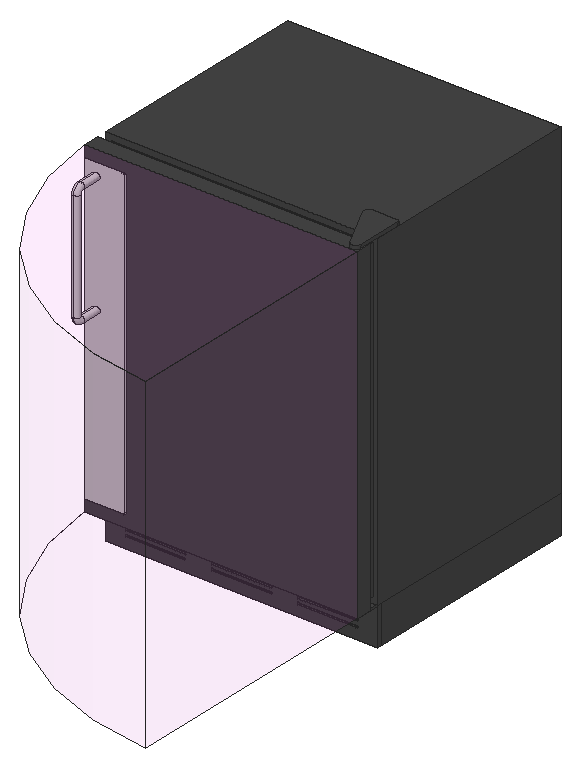
Revit family "QF_Summit_FF6BK7BZADA_Refrigerator", category Specialty Equipment, Revit 2020
Family settings
  Round Connector Dimension = Use Diameter
  Part Type = Normal
  Work Plane-Based = No
  Always vertical = Yes
  Cut with Voids When Loaded = No
  Shared = No
  Room Calculation Point = No
Parameters
  Weight in Pounds = 100
  Watts = Volts * FL Amps  # 161 W
  Volts = 115 V
  URL Cutsheet = ""
  Specification by User = ""
  Specification by Manufacturer = ""
  Show LHD [instance] = no
  Right Hinged Door [instance] = not(Show LHD)  # yes
  Serial Number = ""
  Seismic Rating = ""
  SMACNA No = ""
  Revision Code = ""
  Refrigerant Volume = 0.00 kip
  Refrigerant Type = "R600a"
  Phase = 1
  Number of Poles = 1
  NAFEM Spec ID Number = ""
  Model = "FF6BK7BZADA"
  Min Ckt Ampacity = 0 A
  Max Overcurrent Protection = 0 A
  Masterspec = ""
  Manufacturer = "Summit"
  Length = 23 5/8"
  Item Number = ""
  Installed By = ""
  Identify Quantity as Lot = yes
  Height = 32 1/8"
  HP = ""
  Furnished By = ""
  Foodservice Equipment Identifier = yes
  FL Amps = 1.4 A
  Electrical Remarks = ""
  Electric Connection Type = ""
  Elec Conn RI Height = 0"
  Elec Conn Connection Height = 0"
  Description = "Refrigerator"
  Depth = 22 3/4"
  Default Elevation = 0"
  Cycle = 60 Hz
  Conn Plug = ""
  Conn Conduit = yes
  CSI MasterFormat = ""
  BTUH = 0.0 Btu/h
  Apparent Power = if(Phase = 3, Volts * FL Amps * 1.73, Volts * FL Amps)  # 161 VA
Reference planes (in)
  plane 1 "BACK": y = 0
  plane 2: z = 0
  plane 3 "LEFT": x = 0
  plane 4 "RIGHT": x = 23.625
  plane 5 "FRONT": y = -22.75
  plane 6 "TOP": z = 32.125
  plane 7 "Center Y": x = 11.8125
  plane 8 "Center X": y = -11.375
  plane 9: z = 31.875
  plane 10: y = -25.25
  plane 11: y = -45.75
  plane 12: y = -0.75
  plane 13: y = -20.5
  plane 14: z = 0.125
  plane 15: z = 3.375
  plane 16: x = 17.46169
Forms (in)
  Extrusion 1, solid, material "QF_Clearances_Door_Drawer", visible <- "Right Hinged Door"
    sketch origin (-5.77638, -180, 3.375) x (0, -1, 0) y (-1, 0, 0)
      loop
        line (-157.25, -29.40138) -> (-134.25, -29.40138)
        arc (-134.25, -29.40138) -> (-141.23315, -13.19152) -> (-157.25, -5.77638) r 24.70896
        line (-157.25, -5.77638) -> (-157.25, -29.40138)
    from 0 to -28.5
  Extrusion 2, solid, material "QF_Metallic_Paint_Black_Smooth"
    sketch origin (-4.07558, -180, 0.25) x (-1, 0, 0) y (0, -1, 0)
      loop
        line (-4.07558, -179.25) -> (-4.07558, -159.5) -> (-27.70058, -159.5) -> (-27.70058, -179.25) -> (-4.07558, -179.25)
    from 3.125 to 31.625
  Extrusion 3, solid, material "QF_Metallic_Paint_Black_Smooth"
    sketch origin (-5.77638, -180, 3.5) x (-1, 0, 0) y (0, -1, 0)
      loop
        line (-5.77638, -157.25) -> (-29.40138, -157.25) -> (-29.40138, -158.625) -> (-5.77638, -158.625) -> (-5.77638, -157.25)
    from -0.125 to 28.375
  Extrusion 4, solid, material "QF_Metallic_Paint_Black_Smooth"
    sketch origin (23.5, -21.375, 3.5) x (-1, 0, 0) y (0, 0, 1)
      loop
        line (0.375, 0.375) -> (23, 0.375) -> (23, 27.875) -> (0.375, 27.875) -> (0.375, 0.375)
    from 0 to 0.875
  Extrusion 5, solid, material "QF_Metallic_Paint_Black_Smooth", visible <- "Right Hinged Door"
    sketch origin (-5.77638, -180, 31.875) x (-1, 0, 0) y (0, -1, 0)
      loop
        arc (-29.27619, -161.7403) -> (-29.20297, -161.91708) -> (-29.02619, -161.9903) r 0.25
        line (-29.02619, -161.9903) -> (-26.9149, -161.9903)
        arc (-26.9149, -161.9903) -> (-26.55876, -161.78675) -> (-26.55339, -161.37658) r 0.41333
        line (-26.55339, -161.37658) -> (-28.47012, -157.54371)
        arc (-28.47012, -157.54371) -> (-28.95386, -157.33588) -> (-29.27619, -157.75217) r 0.42999
        line (-29.27619, -157.75217) -> (-29.27619, -161.7403)
    from 0 to 0.25
  Extrusion 6, solid, material "QF_Metallic_Paint_Black_Smooth", visible <- "Right Hinged Door"
    sketch origin (-5.77638, -180, 3.375) x (0, 1, 0) y (1, 0, 0)
      loop
        line (159.5, 29.27619) -> (157.75217, 29.27619)
        arc (157.75217, 29.27619) -> (157.33588, 28.95386) -> (157.54371, 28.47012) r 0.42999
        line (157.54371, 28.47012) -> (159.5, 27.5936) -> (159.5, 29.27619)
    from 0 to 0.125
  Extrusion 7, solid, material "QF_Metallic_Paint_Black_Smooth"
    sketch origin (-12.48311, -20.5, 48) x (-1, 0, 0) y (0, 0, 1)
      loop
        line (-12.48311, -44.625) -> (-36.10811, -44.625) -> (-36.10811, -47.875) -> (-12.48311, -47.875) -> (-12.48311, -44.625)
      loop
        line (-14.18872, -45.26011) -> (-19.43872, -45.26011) -> (-19.43872, -45.51011) -> (-14.18872, -45.51011) -> (-14.18872, -45.26011)
      loop
        line (-14.18872, -45.76011) -> (-19.43872, -45.76011) -> (-19.43872, -46.01011) -> (-14.18872, -46.01011) -> (-14.18872, -45.76011)
      loop
        line (-14.18872, -46.26011) -> (-19.43872, -46.26011) -> (-19.43872, -46.51011) -> (-14.18872, -46.51011) -> (-14.18872, -46.26011)
      loop
        line (-14.18872, -46.76011) -> (-19.43872, -46.76011) -> (-19.43872, -47.01011) -> (-14.18872, -47.01011) -> (-14.18872, -46.76011)
      loop
        line (-21.67061, -45.26011) -> (-26.92061, -45.26011) -> (-26.92061, -45.51011) -> (-21.67061, -45.51011) -> (-21.67061, -45.26011)
      loop
        line (-21.67061, -45.76011) -> (-26.92061, -45.76011) -> (-26.92061, -46.01011) -> (-21.67061, -46.01011) -> (-21.67061, -45.76011)
      loop
        line (-21.67061, -46.26011) -> (-26.92061, -46.26011) -> (-26.92061, -46.51011) -> (-21.67061, -46.51011) -> (-21.67061, -46.26011)
      loop
        line (-21.67061, -46.76011) -> (-26.92061, -46.76011) -> (-26.92061, -47.01011) -> (-21.67061, -47.01011) -> (-21.67061, -46.76011)
      loop
        line (-34.40249, -45.26011) -> (-34.40249, -45.51011) -> (-29.15249, -45.51011) -> (-29.15249, -45.26011) -> (-34.40249, -45.26011)
      loop
        line (-34.40249, -45.76011) -> (-34.40249, -46.01011) -> (-29.15249, -46.01011) -> (-29.15249, -45.76011) -> (-34.40249, -45.76011)
      loop
        line (-34.40249, -46.26011) -> (-34.40249, -46.51011) -> (-29.15249, -46.51011) -> (-29.15249, -46.26011) -> (-34.40249, -46.26011)
      loop
        line (-34.40249, -46.76011) -> (-34.40249, -47.01011) -> (-29.15249, -47.01011) -> (-29.15249, -46.76011) -> (-34.40249, -46.76011)
    from 0 to 0.25
  Extrusion 8, solid, material "QF_Metallic_Paint_Black_Smooth"
    sketch origin (-12.48311, -1, 48) x (-1, 0, 0) y (0, 0, 1)
      loop
        line (-12.48311, -44.625) -> (-36.10811, -44.625) -> (-36.10811, -47.875) -> (-12.48311, -47.875) -> (-12.48311, -44.625)
    from -19.25 to 0.25
  Extrusion 9, solid, material "QF_Metallic_Paint_Black_Smooth"
    sketch origin (0, 0, 0) x (1, 0, 0) y (0, 1, 0)
      loop
        circle (3.1104, -18.5) r 0.5
      loop
        circle (3.1104, -2.75) r 0.5
      loop
        circle (20.5146, -18.5) r 0.5
      loop
        circle (20.5146, -2.75) r 0.5
    from 0 to 0.125
  Extrusion 10, solid, material "QF_Metal_Stainless_Polished"
    sketch origin (0, -0.75, 0.25) x (1, 0, 0) y (0, 0, -1)
      loop
        circle (17.46169, -0.84684) r 0.25
    from 0 to 0.25
  Extrusion 11, solid, material "QF_Metallic_Paint_Black_Smooth"
    sketch origin (0, -0.75, 17.75) x (0, -1, 0) y (1, 0, 0)
      loop
        line (-0.75, 1) -> (0, 1) -> (0, 22.625) -> (-0.75, 22.625) -> (-0.75, 1)
    from -13.875 to 13.25
  Sweep 12, solid, material "QF_Metal_Stainless_Polished", visible <- "Right Hinged Door"
    path origin (1, 0, 0) x (0, 1, 0) y (0, 0, 1)
      loop
        line (-22.75, 30.125) -> (-24.5, 30.125)
        arc (-24.5, 30.125) -> (-25.03033, 29.90533) -> (-25.25, 29.375) r 0.75
        line (-25.25, 29.375) -> (-25.25, 19.875)
        arc (-25.25, 19.875) -> (-25.03033, 19.34467) -> (-24.5, 19.125) r 0.75
        line (-24.5, 19.125) -> (-22.75, 19.125)
    profile origin (1, -23.625, 30.125) x (0, 0, -1) y (1, 0, 0)
      loop
        circle (0.3, 0) r 0.3
  Extrusion 13, solid, material "QF_Metal_Stainless_Polished", visible <- "Right Hinged Door"
    sketch origin (0, -22.75, 3.5) x (1, 0, 0) y (0, 0, 1)
      loop
        line (0, 0.875) -> (3.375, 0.875)
        arc (3.375, 0.875) -> (3.46339, 0.91161) -> (3.5, 1) r 0.125
        line (3.5, 1) -> (3.5, 27.25)
        arc (3.5, 27.25) -> (3.46339, 27.33839) -> (3.375, 27.375) r 0.125
        line (3.375, 27.375) -> (0, 27.375) -> (0, 0.875)
    from 0 to 0.0625
  Extrusion 14, solid, material "QF_Metallic_Paint_Black_Smooth", visible <- "Show LHD"
    sketch origin (29.40138, -180, 31.875) x (1, 0, 0) y (0, 1, 0)
      loop
        line (-29.27619, 161.7403) -> (-29.27619, 157.75217)
        arc (-29.27619, 157.75217) -> (-28.95386, 157.33588) -> (-28.47012, 157.54371) r 0.42999
        line (-28.47012, 157.54371) -> (-26.55339, 161.37658)
        arc (-26.55339, 161.37658) -> (-26.55876, 161.78675) -> (-26.9149, 161.9903) r 0.41333
        line (-26.9149, 161.9903) -> (-29.02619, 161.9903)
        arc (-29.02619, 161.9903) -> (-29.20297, 161.91708) -> (-29.27619, 161.7403) r 0.25
    from 0 to 0.25
  Extrusion 15, solid, material "QF_Metallic_Paint_Black_Smooth", visible <- "Show LHD"
    sketch origin (29.40138, -180, 3.375) x (0, -1, 0) y (-1, 0, 0)
      loop
        line (-159.5, 29.27619) -> (-159.5, 27.5936) -> (-157.54371, 28.47012)
        arc (-157.54371, 28.47012) -> (-157.33588, 28.95386) -> (-157.75217, 29.27619) r 0.42999
        line (-157.75217, 29.27619) -> (-159.5, 29.27619)
    from 0 to 0.125
  Sweep 16, solid, material "QF_Metal_Stainless_Polished", visible <- "Show LHD"
    path origin (22.625, 0, 0) x (0, 1, 0) y (0, 0, -1)
      loop
        line (-22.75, -30.125) -> (-24.5, -30.125)
        arc (-24.5, -30.125) -> (-25.03033, -29.90533) -> (-25.25, -29.375) r 0.75
        line (-25.25, -29.375) -> (-25.25, -19.875)
        arc (-25.25, -19.875) -> (-25.03033, -19.34467) -> (-24.5, -19.125) r 0.75
        line (-24.5, -19.125) -> (-22.75, -19.125)
    profile origin (22.625, -23.625, 30.125) x (0, 0, 1) y (-1, 0, 0)
      loop
        circle (-0.3, 0) r 0.3
  Extrusion 17, solid, material "QF_Metal_Stainless_Polished", visible <- "Show LHD"
    sketch origin (23.625, -22.75, 3.5) x (-1, 0, 0) y (0, 0, -1)
      loop
        line (0, -0.875) -> (0, -27.375) -> (3.375, -27.375)
        arc (3.375, -27.375) -> (3.46339, -27.33839) -> (3.5, -27.25) r 0.125
        line (3.5, -27.25) -> (3.5, -1)
        arc (3.5, -1) -> (3.46339, -0.91161) -> (3.375, -0.875) r 0.125
        line (3.375, -0.875) -> (0, -0.875)
    from 0 to 0.0625
  Extrusion 18, solid, material "QF_Clearances_Door_Drawer", visible <- "Show LHD"
    sketch origin (29.40138, -180, 3.375) x (0, 1, 0) y (1, 0, 0)
      loop
        line (157.25, -29.40138) -> (157.25, -5.77638)
        arc (157.25, -5.77638) -> (141.23315, -13.19152) -> (134.25, -29.40138) r 24.70896
        line (134.25, -29.40138) -> (157.25, -29.40138)
    from 0 to -28.5
Lines and regions (in)
  symbolic lines
    curve 1: line (23.625, -0.75, 0) -> (0, -0.75, 0)
    curve 2: line (22.625, 0, 0) -> (1, 0, 0)
    curve 3: line (1, 0, 0) -> (1, -0.75, 0)
    curve 4: line (22.625, -0.75, 0) -> (22.625, 0, 0)
    curve 5: line (0, -0.75, 0) -> (0, -20.5, 0)
    curve 6: line (23.625, -20.5, 0) -> (23.625, -0.75, 0)
    curve 7: line (0, -20.5, 0) -> (0.12921, -20.5, 0)
    curve 8: line (23.625, -21.375, 0) -> (23.49982, -21.375, 0)
    curve 9: line (0, -22.75, 0) -> (23.625, -22.75, 0)
    curve 10: line (0, -21.375, 0) -> (0, -22.75, 0)
    curve 11: line (23.625, -22.75, 0) -> (23.625, -21.375, 0)
    curve 19: line (23.49982, -20.5, 0) -> (23.625, -20.5, 0)
    curve 20: line (22.15301, -21.375, 0) -> (1.47199, -21.375, 0)
    curve 26: line (1.87102, -20.5, 0) -> (21.71545, -20.5, 0)
    curve 29: line (0.1347, -21.375, 0) -> (0, -21.375, 0)
  symbolic lines, visible <- "Right Hinged Door"
    curve 12: line (0.5, -20.5, 0) -> (0.5, -21.375, 0)
    curve 13: line (20.77701, -18.62342, 0) -> (22.69374, -22.45629, 0)
    curve 14: arc (22.69374, -22.45629, 0) -> (23.17748, -22.66412, 0) -> (23.49982, -22.24783, 0) r 0.42999
    curve 15: line (23.49982, -22.24783, 0) -> (23.49982, -18.2597, 0)
    curve 16: arc (23.49982, -18.2597, 0) -> (23.42659, -18.08292, 0) -> (23.24982, -18.0097, 0) r 0.25
    curve 17: line (23.24982, -18.0097, 0) -> (21.13852, -18.0097, 0)
    curve 18: arc (21.13852, -18.0097, 0) -> (20.78238, -18.21325, 0) -> (20.77701, -18.62342, 0) r 0.41333
    curve 21: line (0.69922, -22.75, 0) -> (0.69922, -24.94922, 0)
    curve 22: line (1.30078, -22.75, 0) -> (1.30078, -24.94922, 0)
    curve 23: arc (0.69922, -24.94922, 0) -> (1, -25.25, 0) -> (1.30078, -24.94922, 0) r 0.30078
    curve 27: line (0.12921, -20.5, 0) -> (1.87102, -20.5, 0)
    curve 28: line (1.47199, -21.375, 0) -> (0.1347, -21.375, 0)
  symbolic lines, style "QF_Clearances_Door_Drawer", visible <- "Right Hinged Door"
    curve 24: line (23.625, -22.75, 0) -> (3.74264, -34.22908, 0)
    curve 25: arc (3.74264, -34.22908, 0) -> (1.15939, -28.72166, 0) -> (0, -22.75, 0) r 24.70896
  symbolic lines, visible <- "Show LHD"
    curve 30: line (23.125, -20.5, 0) -> (23.125, -21.375, 0)
    curve 31: line (2.84799, -18.62342, 0) -> (0.93126, -22.45629, 0)
    curve 32: arc (0.93126, -22.45629, 0) -> (0.44752, -22.66412, 0) -> (0.12518, -22.24783, 0) r 0.42999
    curve 33: line (0.12518, -22.24783, 0) -> (0.12518, -18.2597, 0)
    curve 34: arc (0.12518, -18.2597, 0) -> (0.19841, -18.08292, 0) -> (0.37518, -18.0097, 0) r 0.25
    curve 35: line (0.37518, -18.0097, 0) -> (2.48648, -18.0097, 0)
    curve 36: arc (2.48648, -18.0097, 0) -> (2.84262, -18.21325, 0) -> (2.84799, -18.62342, 0) r 0.41333
    curve 37: line (22.92578, -22.75, 0) -> (22.92578, -24.94922, 0)
    curve 38: line (22.32422, -22.75, 0) -> (22.32422, -24.94922, 0)
    curve 39: arc (22.92578, -24.94922, 0) -> (22.625, -25.25, 0) -> (22.32422, -24.94922, 0) r 0.30078
    curve 42: line (23.49982, -20.5, 0) -> (21.75398, -20.5, 0)
    curve 43: line (22.15301, -21.375, 0) -> (23.4903, -21.375, 0)
  symbolic lines, style "QF_Clearances_Door_Drawer", visible <- "Show LHD"
    curve 40: line (0, -22.75, 0) -> (19.88236, -34.22908, 0)
    curve 41: arc (19.88236, -34.22908, 0) -> (22.46561, -28.72166, 0) -> (23.625, -22.75, 0) r 24.70896
Dimensions and locks (in)
  equal spacing: plane 3 "LEFT", plane 7 "Center Y", plane 4 "RIGHT"
  "Length": plane 3 "LEFT" to plane 4 "RIGHT"
  equal spacing: plane 5 "FRONT", plane 8 "Center X", plane 1 "BACK"
  "Depth": plane 5 "FRONT" to plane 1 "BACK"
  "Height": plane 6 "TOP" to level
  plane 4 "RIGHT" to plane 3 "LEFT" = 23 5/8"
  locked: plane 6 "TOP" to plane 9 at 0.25
  locked: plane 10 to plane 5 "FRONT" at 2.5
  plane 1 "BACK" to plane 12 = 3/4"
  plane 12 to plane 13 = 19 3/4"
  plane 12 to plane 11 = 45"
  plane 14 to plane 2 = 1/8"
  plane 9 to plane 14 = 31 3/4"
  locked: plane 15 to plane 14 at 3.25
  plane 9 to plane 2 = 31 7/8"
  aligned and locked: level to plane 2
Automatic sketch dimensions
  curve 1 to plane 3 "LEFT" = 0"
  curve 29 to plane 3 "LEFT" = 0"
  curve 7 to plane 13 = 0"
  plane 5 "FRONT" to curve 21 = 0"
  curve 3 to plane 12 = 0"
  plane 1 "BACK" to curve 3 = 0"
  curve 42 to plane 13 = 0"
  curve 19 to plane 13 = 0"
  curve 11 to plane 4 "RIGHT" = 0"
  curve 1 to plane 4 "RIGHT" = 0"
  curve 41 to plane 3 "LEFT" = 1.02625"
  plane 3 "LEFT" to curve 33 = 0.12518"
  plane 3 "LEFT" to curve 7 = 0.12921"
  plane 3 "LEFT" to curve 28 = 0.1347"
  curve 33 to curve 35 = 1/4"
  curve 33 to curve 32 = 0.42999"
  plane 3 "LEFT" to curve 21 = 179/256"
  curve 31 to plane 5 "FRONT" = 0.29371"
  curve 21 to curve 31 = 0.23204"
  curve 21 to curve 23 = 77/256"
  plane 3 "LEFT" to curve 3 = 1"
  curve 32 to curve 28 = 0.54073"
  curve 20 to curve 26 = 0.39904"
  curve 34 to curve 35 = 2.1113"
  plane 13 to curve 31 = 1.87658"
  curve 36 to curve 31 = 0.36151"
  plane 3 "LEFT" to curve 24 = 3.74264"
  curve 40 to plane 16 = 2.42066"
  plane 4 "RIGHT" to curve 13 = 2.84799"
  curve 18 to curve 17 = 0.36151"
  plane 10 to curve 38 = 77/256"
  plane 4 "RIGHT" to curve 38 = 1 77/256"
  plane 4 "RIGHT" to curve 2 = 1"
  curve 39 to curve 39 = 77/256"
  curve 13 to plane 5 "FRONT" = 0.29371"
  curve 13 to curve 37 = 0.23204"
  curve 13 to curve 14 = 0.37608"
  plane 4 "RIGHT" to curve 17 = 0.37518"
  plane 4 "RIGHT" to curve 15 = 0.12518"
  curve 25 to plane 4 "RIGHT" = 1.02625"
  plane 10 to curve 23 = 77/256"
  curve 40 to curve 39 = 9.27986"
  curve 24 to curve 23 = 9.27986"
  curve 28 to plane 13 = 7/8"
  curve 11 to curve 6 = 7/8"
  plane 13 to curve 13 = 1.87658"
  curve 13 to curve 18 = 0.20039"
  curve 31 to curve 36 = 0.20039"
  curve 7 to curve 12 = 0.37079"
  curve 26 to curve 42 = 0.03853"
  curve 43 to curve 20 = 0"
  curve 30 to curve 42 = 0.37482"
  curve 43 to curve 8 = 0.00951"
  Extrusion 1 sketch curve to plane 4 "RIGHT" = 0"
  plane 5 "FRONT" to Extrusion 1 sketch curve = 0"
  Extrusion 1 sketch curve to plane 11 = 0"
  Extrusion 1 sketch curve to plane 3 "LEFT" = 0"
  Extrusion 1 sketch curve to plane 13 = 0.56237"
  Extrusion 2 sketch curve to plane 4 "RIGHT" = 0"
  Extrusion 2 sketch curve to plane 3 "LEFT" = 0"
  Extrusion 2 sketch curve to plane 12 = 0"
  Extrusion 2 sketch curve to plane 13 = 0"
  Extrusion 3 sketch curve to plane 4 "RIGHT" = 0"
  Extrusion 3 sketch curve to plane 3 "LEFT" = 0"
  plane 5 "FRONT" to Extrusion 3 sketch curve = 0"
  Extrusion 3 sketch curve to plane 13 = 7/8"
  Extrusion 3 to Extrusion 4 sketch curve = 1/2"  (x3)
  Extrusion 4 sketch curve to Extrusion 3 = 1/2"
  Extrusion 5 sketch curve to Extrusion 3 = 0.12518"
  Extrusion 5 sketch curve to Extrusion 5 sketch curve = 1/4"
  Extrusion 5 sketch curve to Extrusion 5 sketch curve = 0.42999"
  Extrusion 5 sketch curve to Extrusion 3 = 0.29371"
  Extrusion 5 sketch curve to Extrusion 5 sketch curve = 0.37608"
  Extrusion 5 sketch curve to Extrusion 5 sketch curve = 2.1113"
  Extrusion 5 sketch curve to Extrusion 5 sketch curve = 0.36151"
  Extrusion 3 to Extrusion 5 sketch curve = 2.75158"
  Extrusion 5 sketch curve to Extrusion 5 sketch curve = 0.20039"
  Extrusion 6 sketch curve to plane 13 = 0"
  Extrusion 6 sketch curve to plane 5 "FRONT" = 0.50217"
  Extrusion 6 sketch curve to plane 5 "FRONT" = 0.29371"
  plane 4 "RIGHT" to Extrusion 6 sketch curve = 0.12518"
  Extrusion 6 sketch curve to Extrusion 6 sketch curve = 0.42999"
  Extrusion 6 sketch curve to Extrusion 6 sketch curve = 1.6826"
  plane 4 "RIGHT" to Extrusion 7 sketch curve = 0"
  Extrusion 7 sketch curve to plane 3 "LEFT" = 0"
  Extrusion 7 sketch curve to plane 14 = 0"
  Extrusion 7 sketch curve to plane 15 = 0"
  plane 4 "RIGHT" to Extrusion 7 sketch curve = 1.70562"
  Extrusion 7 sketch curve to Extrusion 7 sketch curve = 0"  (x18)
  plane 16 to Extrusion 7 sketch curve = 0.79231"
  plane 14 to Extrusion 7 sketch curve = 0.86489"  (x2)
  Extrusion 7 sketch curve to Extrusion 7 sketch curve = 2.23188"  (x2)
  Extrusion 7 sketch curve to plane 15 = 1.13511"
  Extrusion 7 sketch curve to plane 7 "Center Y" = 2 5/8"
  plane 14 to Extrusion 7 sketch curve = 1.11489"
  plane 3 "LEFT" to Extrusion 7 sketch curve = 1.70562"
  Extrusion 7 sketch curve to Extrusion 7 sketch curve = 1/4"  (x20)
  plane 4 "RIGHT" to Extrusion 8 sketch curve = 0"
  Extrusion 8 sketch curve to plane 3 "LEFT" = 0"
  Extrusion 8 sketch curve to plane 14 = 0"
  Extrusion 8 sketch curve to plane 15 = 0"
  plane 3 "LEFT" to Extrusion 9 sketch curve = 3.1104"  (x2)
  Extrusion 9 sketch curve to plane 16 = 3.05291"  (x2)
  plane 13 to Extrusion 9 sketch curve = 2"  (x2)
  Extrusion 9 sketch curve to plane 12 = 2"  (x2)
  Extrusion 10 sketch curve to Extrusion 2 = 2.27816"
  Extrusion 10 sketch curve to Extrusion 2 = 6.16331"
  plane 1 "BACK" to Extrusion 11 sketch curve = 0"
  Extrusion 11 sketch curve to plane 12 = 0"
  plane 3 "LEFT" to Extrusion 11 sketch curve = 1"
  plane 4 "RIGHT" to Extrusion 11 sketch curve = 1"
  Sweep 12 sketch curve to plane 10 = 0"
  Sweep 12 sketch curve to plane 5 "FRONT" = 0"  (x2)
  plane 10 to Sweep 12 sketch curve = 3/4"  (x2)
  Sweep 12 sketch curve to plane 9 = 12 3/4"
  Sweep 12 sketch curve to plane 9 = 2 1/2"
  Sweep 12 sketch curve to profile plane = 0"
  Sweep 12 sketch curve to profile plane = 0.3"
  Extrusion 13 sketch curve to Extrusion 3 = 0"
  Extrusion 3 to Extrusion 13 sketch curve = 1"  (x2)
  Extrusion 13 sketch curve to Extrusion 13 sketch curve = 3 3/8"
  Extrusion 3 to Extrusion 13 sketch curve = 3 3/8"
  Extrusion 13 sketch curve to Extrusion 13 sketch curve = 1/8"
  Extrusion 14 sketch curve to Extrusion 3 = 0.12518"
  Extrusion 14 sketch curve to Extrusion 14 sketch curve = 1/4"
  Extrusion 14 sketch curve to Extrusion 14 sketch curve = 0.42999"
  Extrusion 14 sketch curve to Extrusion 3 = 0.29371"
  Extrusion 14 sketch curve to Extrusion 14 sketch curve = 0.37608"
  Extrusion 14 sketch curve to Extrusion 14 sketch curve = 2.1113"
  Extrusion 14 sketch curve to Extrusion 14 sketch curve = 0.36151"
  Extrusion 3 to Extrusion 14 sketch curve = 2.75158"
  Extrusion 14 sketch curve to Extrusion 14 sketch curve = 0.20039"
  Extrusion 15 sketch curve to plane 13 = 0"
  plane 3 "LEFT" to Extrusion 15 sketch curve = 0.12518"
  Extrusion 15 sketch curve to plane 5 "FRONT" = 0.50217"
  Extrusion 15 sketch curve to plane 5 "FRONT" = 0.29371"
  Extrusion 15 sketch curve to Extrusion 15 sketch curve = 0.42999"
  Extrusion 15 sketch curve to Extrusion 15 sketch curve = 1.6826"
  Sweep 16 sketch curve to plane 10 = 0"
  Sweep 16 sketch curve to plane 5 "FRONT" = 0"  (x2)
  plane 10 to Sweep 16 sketch curve = 3/4"  (x2)
  Sweep 16 sketch curve to plane 9 = 1 3/4"
  Sweep 16 sketch curve to Sweep 16 sketch curve = 9 1/2"
  profile plane to Sweep 16 sketch curve = 0"
  profile plane to Sweep 16 sketch curve = 0.3"
  Extrusion 3 to Extrusion 17 sketch curve = 0"
  Extrusion 3 to Extrusion 17 sketch curve = 1"  (x2)
  Extrusion 17 sketch curve to Extrusion 17 sketch curve = 3 3/8"  (x2)
  Extrusion 17 sketch curve to Extrusion 17 sketch curve = 1/8"
  Extrusion 18 sketch curve to plane 3 "LEFT" = 0"
  Extrusion 18 sketch curve to plane 11 = 0"
  Extrusion 18 sketch curve to plane 4 "RIGHT" = 0"
  plane 5 "FRONT" to Extrusion 18 sketch curve = 0"
  Extrusion 18 sketch curve to plane 13 = 0.56237"
  radius of Extrusion 9 sketch curve = 1/2"  (x4)
  radius of Extrusion 10 sketch curve = 1/4"
  radius of Sweep 12 sketch curve = 0.3"
  radius of Sweep 16 sketch curve = 0.3"
Connectors (in)
  electrical at (17.46169, -0.5, 1.09684), driven by "Volts", driven by "Watts"
    settings: on Extrusion 10, index 1, voltage 115 V, apparent load 161 VA, apparent load phase1 0 VA, apparent load phase2 0 VA, apparent load phase3 0 VA, power factor 1, load classification "Other", number of poles 1, system type 30, power factor state 1, is connector primary yes, connector utility no, sub classification motor no, connector description "Electrical Connection"
